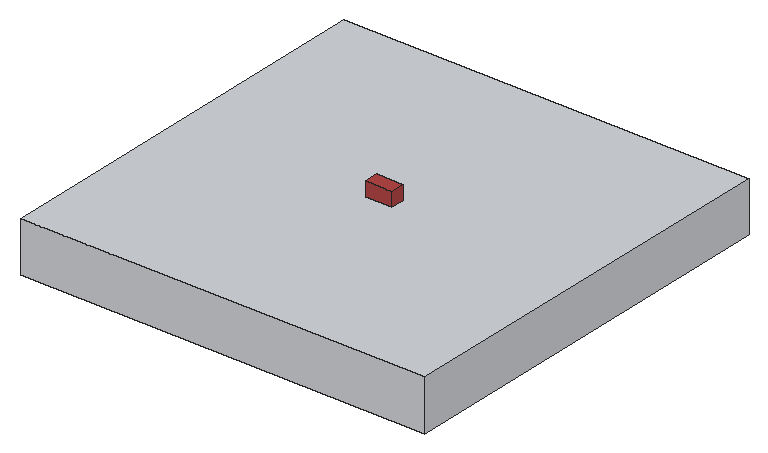
Revit family "Detector óptico para conductos_Aguilera Electronica", category Dispositivos de alarma de incendios, Revit 2017
Family settings
  Anfitrión = Cara
  Mantener orientación de anotación = Sí
  Cota de conector redondo = Diámetro de uso
  Tipo de pieza = Normal
  Número OmniClass = 23.85.30.21.11.11.11
  Título OmniClass = Smoke Detectors
  Corte con vacíos al cargar = No
  Compartido = No
  Punto de cálculo de habitación = No
Parameters (values of type "Detector óptico para conductos")
  Símbolo texto modelo = yes
  Simbolo = yes
  Anchura = 85 mm
  Altura = 135 mm
  URL = "https://aguilera.es/?productos=detector-optico-para-conductos"
  Modelo = "AE/SA-OPIC"
  Fabricante = "Aguilera Electrónica"  # constant formula
  Elevación por defecto = 1200 mm
  Descripción = "Equipo fabricado por Aguilera Electrónica, formado por un detector óptico algorítmico AE/SA-OPI y caja metálica provista con piloto de alarma, racor para entrada de cables y racores para tubos sondas que toman las muestras del interior de los conductos."  # constant formula
  Type Comments = ""
  Longitud = 160 mm
Reference planes
  plane 1 "Centro (Frontal/Posterior)": y = 0
  plane 2: z = 0
  plane 3 "Centro (Izquierda/Derecha)": x = 0
  plane 4: z = 380
  plane 5: z = 295
  plane 6: z = 135
Forms (mm)
  Extrusion 1, solid
    sketch origin (0, 0, 0) x (1, 0, 0) y (0, 1, 0)
      loop
        line (-1219.2, 1219.2) -> (-1219.2, -1219.2) -> (1219.2, -1219.2) -> (1219.2, 1219.2) -> (-1219.2, 1219.2)
    from 0 to -304.8
  Extrusion 2, solid, material "Acero, acabado de pintura, rojo oscuro"
    sketch origin (190.289, -135.651, 0) x (1, 0, 0) y (0, 1, 0)
      loop
        line (-270.289, 178.151) -> (-270.289, 93.151) -> (-110.289, 93.151) -> (-110.289, 178.151) -> (-270.289, 178.151)
    from 0 to 85
  Extrusion 3, solid, material "Acero, cromado"
    sketch origin (0, 0, 0) x (1, 0, 0) y (0, 1, 0)
      loop
        circle (-50.222, 0) r 15
    from 0 to -70
  Extrusion 4, solid, material "Acero, cromado"
    sketch origin (0, 0, 0) x (-1, 0, 0) y (0, -1, 0)
      loop
        circle (-50.222, 0) r 15
    from 0 to -70
Dimensions and locks
  "Altura": plane 6 to Extrusion 1
  "Longitud": plane 5 to plane 6
  "Anchura": plane 4 to plane 5
  aligned and locked: plane 2 to Extrusion 1
  aligned and locked: level to Extrusion 1
Automatic sketch dimensions
  Extrusion 1 sketch curve to Extrusion 1 sketch curve = 2438.4 mm  (x2)
  Extrusion 2 sketch curve to plane 3 "Centro (Izquierda/Derecha)" = 80 mm
  plane 3 "Centro (Izquierda/Derecha)" to Extrusion 2 sketch curve = 80 mm
  plane 1 "Centro (Frontal/Posterior)" to Extrusion 2 sketch curve = 42.5 mm
  Extrusion 2 sketch curve to plane 1 "Centro (Frontal/Posterior)" = 42.5 mm
  plane 1 "Centro (Frontal/Posterior)" to Extrusion 3 sketch curve = 0 mm
  Extrusion 3 sketch curve to plane 3 "Centro (Izquierda/Derecha)" = 50.222 mm
  plane 1 "Centro (Frontal/Posterior)" to Extrusion 4 sketch curve = 0 mm
  Extrusion 4 sketch curve to plane 3 "Centro (Izquierda/Derecha)" = 50.222 mm
  radius of Extrusion 3 sketch curve = 15 mm
  radius of Extrusion 4 sketch curve = 15 mm
Nested families
  nested 1: "S_Detector óptico conductos_Aguilera Electronica" at (0, 2.958, 0), visible <- "Simbolo", type "S_Detector óptico conductos_Aguilera Electronica"
Connectors
  electrical at (0, 0, 0), driven by "Modelo"
    settings: on Extrusion 2, index 1, voltage 0 V, apparent load 0 VA, apparent load phase1 0 VA, apparent load phase2 0 VA, apparent load phase3 0 VA, power factor 1, load classification "Otro", number of poles 1, system type 11, power factor state 1, is connector primary yes, connector utility no, sub classification motor no, connector description "AE/SA-OPIC"
Definition of nested family "S_Detector óptico conductos_Aguilera Electronica"
  Parameters (values of type "S_Detector óptico conductos_Aguilera Electronica")
    Texto símbolo = "OPIC"
    Texto modelo = yes
    Modelo = "AE/SA-OPIC"
  Reference planes
    plane 1: y = 0
    plane 2: x = 0
  Lines and regions (mm)
    detail lines
      curve 1: line (-4.116, -2.084, 0) -> (4.116, -2.084, 0)
      curve 2: line (-4.116, 2.084, 0) -> (-4.116, -2.084, 0)
      curve 3: line (4.116, 2.084, 0) -> (-4.116, 2.084, 0)
      curve 4: line (4.116, -2.084, 0) -> (4.116, 2.084, 0)
      curve 5: line (-3.183, 0, 0) -> (-1.842, 1.341, 0)
      curve 6: line (-1.842, 1.341, 0) -> (0.89, -1.392, 0)
      curve 7: line (0.89, -1.392, 0) -> (2.316, 0.034, 0)
      curve 8: circle (2.705, -0.432, 0) r 0.607 normal (0, 0, 1)
    detail lines, not visible
      curve 9: line (-4.116, -2.084, 0) -> (-4.116, -2.958, 0)
      curve 10: line (-4.116, -2.958, 0) -> (4.116, -2.958, 0)
      curve 11: line (4.116, -2.958, 0) -> (4.116, -2.084, 0)
  Text (mm)
    label "Texto símbolo" at (-2.438, -1.13, 0), shows "Texto símbolo"
    label "Modelo" at (0.158, -3.714, 0), shows "Modelo", visible <- "Texto modelo"
